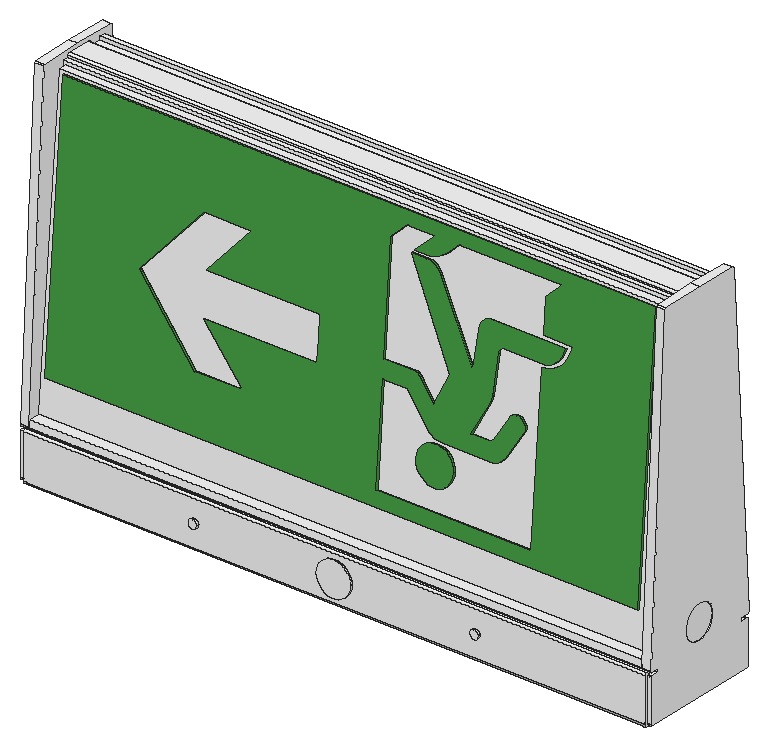
Revit family "CCFPRO-D2_AUA02211050001", category Lighting Fixtures, host Face, Revit 2021
Family settings
  Host = Face
  Round Connector Dimension = Use Diameter
  Part Type = Normal
  Cut with Voids When Loaded = No
  Light Source = Yes
  Shared = No
  Room Calculation Point = No
Parameters (values of type "Running Man Common arrow")
  URL = "https://clevertronics.com.au/exit-lights/cleverfit-pro"
  Wattage = 0.0140351 W
  built-in parameter 1150110 = 1 (stored number, unit not read)
  built-in parameter 1150109 = 1 (stored number, unit not read)
  built-in parameter 1150134 = 4
  built-in parameter 1150113 = 1 (stored number, unit not read)
  Tilt Angle = -90.00°
  Straight line 'Face two' = no
  Straight line 'Face one' = no
  Runing Man common arrow = yes
  Photometric Web File = "ll20952 - CCFPRO-ZW (CT10622, Classification).IES"
  Model = "CCFPRO-D2"  # constant formula
  Manufacturer = "Clevertronics"  # constant formula
  Description = "LP Premium Cleverfit PRO Emergency Exit, DALI-2\r"  # constant formula
  CreatedBy = "https://mepros-eng.com/"  # constant formula
  Clevertronics_Width = 72 mm
  Clevertronics_Weight = "2.5Kg"  # constant formula
  Clevertronics_Viewing Distance = "24m"  # constant formula
  Clevertronics_Total Lumen Output = ""
  Clevertronics_Testing System = "DALI-2"  # constant formula
  Clevertronics_Testing Node = "DALI-2 Note : 8003062"  # constant formula
  Clevertronics_Replacement Lamp = "LED Strip : 8002710"  # constant formula
  Clevertronics_Replacement Driver = "EM Driver : 8003152"  # constant formula
  Clevertronics_Replacement Battery = "Battery : 1550105"  # constant formula
  Clevertronics_Product Description = "LP Premium Cleverfit PRO Emergency Exit, DALI-2"  # constant formula
  Clevertronics_Power Consumption = "2.8 Watts (Standby), 3.9 Watts (Max)"  # constant formula
  Clevertronics_Other Modules = ""
  Clevertronics_Operating Voltage = "240V AC; 50Hz"  # constant formula
  Clevertronics_Operating Temperature = "1˚C to 40˚C"  # constant formula
  Clevertronics_Operating Mode = "Maintained"  # constant formula
  Clevertronics_Mounting = "Wall, Ceiling Single-Sided & Ceiling Double-Sided"  # constant formula
  Clevertronics_Material = Clevertronics_Plastic
  Lumens = 0.2 lm
  built-in parameter 1114217 = 1 (stored number, unit not read)
  built-in parameter 1150115 = 1 (stored number, unit not read)
  built-in parameter 1150105 = 0.015915 (stored number, unit not read)
  built-in parameter 1150137 = 1
  built-in parameter 1150139 = (empty or 0)
  built-in parameter 1150112 = 1 (stored number, unit not read)
  built-in parameter 1150114 = 1 (stored number, unit not read)
  Lamp = "6 x LED, 100,000 hours"  # constant formula
  built-in parameter 1150132 = 2
  built-in parameter 1150102 = (empty or 0)
  built-in parameter 1150138 = (empty or 0)
  built-in parameter 1150107 = 2800 (stored number, unit not read)
  Indication Right 'Face one' = no
  Indication Right 'Face Two' = no
  Indication Left 'Face one' = no
  Indication Left 'Face Two' = yes
  built-in parameter 1150106 = 0.00015915 (stored number, unit not read)
  built-in parameter 1150104 = 1.3239 (stored number, unit not read)
  Dimming Lamp Color Temperature Shift = <None>
  Default Elevation = 1200 mm
  Color Filter = 16777215
  Clevertronics_Stacked Symbol Position [instance] = 0
  Clevertronics_MIC Number = "AUA02211050001\r"  # constant formula
  Clevertronics_Length = 367 mm
  Clevertronics_Inverter / Charger = ""
  Clevertronics_IP Rating = "IP20"  # constant formula
  Clevertronics_IK Rating = "N/A"  # constant formula
  Clevertronics_Height = 214 mm
  Clevertronics_Dimensions Main Enclosure = "N/A"  # constant formula
  Clevertronics_Diffuser = "All directional inserts included in the box"  # constant formula
  Clevertronics_Construction = "Fire-retardant PC/ABS Body with Polycarbonate Diffuser"  # constant formula
  Clevertronics_Charger Method = "Intelligent Current Limited Constant Voltage"  # constant formula
  Clevertronics_Battery Type = "Lithium Iron Phosphate"  # constant formula
  Clevertronics_Battery = " 3.2V 1100mAh"  # constant formula
  Clevertronics_Applicable Standards = "AS/NZS3820, CISPR15, AS/NZS2293.3"  # constant formula
  Clevertronics_Annotation Vertical Offset [instance] = 0 mm
  Clevertronics_Annotation Size = 0 mm
  Clevertronics_Annotation Horizontal Offset [instance] = 0 mm
  Clevertronics_AS2293 Classification = "C0=D3.2 C90=B16"  # constant formula
  built-in parameter 1140040 [instance] = 1
  built-in parameter 1114218 = 1 (stored number, unit not read)
  built-in parameter 1150133 = 10 (stored number, unit not read)
  Assembly Code = ""
  Apparent Load = 2.8 VA  # constant formula
Types (5, lengths in mm): name | Straight line 'Face two' | Straight line 'Face one' | Runing Man common arrow | Indication Right 'Face one' | Indication Left 'Face one' | Indication Left 'Face Two' | Clevertronics_Stacked Symbol Position
  Runing Man Single | no | yes | no | no | no | no | 0
  Running Man Common arrow | no | no | yes | no | no | yes | 0
  Runing Man Right (Single) | no | no | no | yes | no | no | 0
  Runing Man Double Sided | yes | yes | no | no | no | no | 1
  Runing Man Left (Single) | no | no | no | no | yes | no | 0
Reference planes
  plane 1 "Center (Front/Back)": y = 0
  plane 2: z = 0
  plane 3 "Center (Left/Right)": x = 0
  plane 4: y = 30
  plane 5: y = -30
Forms (mm)
  Extrusion 1, solid, material "Green Plastic", visible <- "Straight line 'Face two'"
    sketch origin (151.5, 23.091, 152.133) x (-1, 0, 0) y (0, -0.085031, 0.996378)
      loop
        line (324.238, 55.477) -> (-21.258, 55.477) -> (-21.258, -97.563) -> (324.238, -97.563) -> (324.238, 55.477)
      loop
        line (106.162, 38.99) -> (106.126, -22.755) -> (125.231, -22.755)
        arc (125.231, -22.755) -> (127.412, -24.294) -> (129.245, -26.235) r 13.397
        line (129.245, -26.235) -> (136.235, -35.299) -> (144.196, -17.828) -> (118.356, 35.115) -> (130.038, 35.115)
        arc (130.038, 35.115) -> (133.388, 33.258) -> (135.586, 30.121) r 8.525
        line (135.586, 30.121) -> (156.779, -10.746) -> (159.175, 10.24) -> (159.634, 12.405)
        arc (159.634, 12.405) -> (161.615, 15.819) -> (165.234, 17.395) r 6.331
        line (165.234, 17.395) -> (209.235, 17.395)
        arc (209.235, 17.395) -> (204.572, 8.851) -> (195.453, 5.449) r 13.923
        line (195.453, 5.449) -> (173.244, 5.449)
        arc (173.244, 5.449) -> (171.893, 4.205) -> (171.29, 2.47) r 3.773
        line (171.29, 2.47) -> (169.273, -20.242)
        arc (169.273, -20.242) -> (168.22, -23.542) -> (166.796, -26.7) r 30.217
        line (166.796, -26.7) -> (158.343, -42.898) -> (168.884, -42.898)
        arc (168.884, -42.898) -> (170.187, -42.282) -> (171.159, -41.219) r 3.731
        line (171.159, -41.219) -> (179.629, -27.297)
        arc (179.629, -27.297) -> (186.643, -25.59) -> (188.35, -32.603) r 5.104
        line (188.35, -32.603) -> (178.708, -48.45)
        arc (178.708, -48.45) -> (175.047, -51.646) -> (170.325, -52.797) r 10.257
        line (170.325, -52.797) -> (141.141, -52.797)
        arc (141.141, -52.797) -> (136.537, -51.526) -> (132.86, -48.476) r 11.376
        line (132.86, -48.476) -> (120.341, -32.569) -> (106.126, -32.569) -> (106.126, -88.969) -> (196.149, -88.969) -> (196.149, 3.188)
        arc (196.149, 3.188) -> (207.64, 8.578) -> (213.348, 19.916) r 19.42
        line (213.348, 19.916) -> (196.149, 19.916) -> (196.149, 39.281) -> (205.646, 48.505) -> (145.527, 48.505) -> (139.316, 42.315)
        arc (139.316, 42.315) -> (134.813, 39.024) -> (129.528, 37.239) r 18.338
        line (129.528, 37.239) -> (120.026, 37.239) -> (131.328, 48.204) -> (115.409, 48.204) -> (106.162, 38.99)
      loop
        circle (138.734, -65.632) r 11.018
    from 0 to 0.767
  Extrusion 2, solid, material "Green Plastic", visible <- "Straight line 'Face one'"
    sketch origin (-151.5, -22.114, 152.099) x (1, 0, 0) y (0, 0.084193, 0.996449)
      loop
        line (-21.219, 55.512) -> (-21.219, -97.531) -> (324.258, -97.531) -> (324.258, 55.512) -> (-21.219, 55.512)
      loop
        line (196.838, 38.677) -> (187.591, 47.892) -> (171.672, 47.892) -> (182.974, 36.926) -> (173.472, 36.926)
        arc (173.472, 36.926) -> (168.187, 38.711) -> (163.684, 42.002) r 18.338
        line (163.684, 42.002) -> (157.473, 48.193) -> (97.354, 48.193) -> (106.851, 38.968) -> (106.851, 19.603) -> (89.652, 19.603)
        arc (89.652, 19.603) -> (95.36, 8.266) -> (106.851, 2.876) r 19.42
        line (106.851, 2.876) -> (106.851, -89.282) -> (196.874, -89.282) -> (196.874, -32.881) -> (182.659, -32.881) -> (170.14, -48.789)
        arc (170.14, -48.789) -> (166.463, -51.838) -> (161.859, -53.11) r 11.376
        line (161.859, -53.11) -> (132.675, -53.11)
        arc (132.675, -53.11) -> (127.953, -51.958) -> (124.292, -48.762) r 10.257
        line (124.292, -48.762) -> (114.65, -32.915)
        arc (114.65, -32.915) -> (116.357, -25.902) -> (123.371, -27.61) r 5.104
        line (123.371, -27.61) -> (131.841, -41.532)
        arc (131.841, -41.532) -> (132.813, -42.595) -> (134.116, -43.21) r 3.731
        line (134.116, -43.21) -> (144.657, -43.21) -> (136.204, -27.012)
        arc (136.204, -27.012) -> (134.78, -23.855) -> (133.727, -20.555) r 30.217
        line (133.727, -20.555) -> (131.71, 2.157)
        arc (131.71, 2.157) -> (131.107, 3.892) -> (129.756, 5.137) r 3.773
        line (129.756, 5.137) -> (107.547, 5.137)
        arc (107.547, 5.137) -> (98.428, 8.539) -> (93.765, 17.082) r 13.923
        line (93.765, 17.082) -> (137.766, 17.082)
        arc (137.766, 17.082) -> (141.385, 15.506) -> (143.366, 12.092) r 6.331
        line (143.366, 12.092) -> (143.825, 9.928) -> (146.221, -11.058) -> (167.414, 29.809)
        arc (167.414, 29.809) -> (169.612, 32.945) -> (172.962, 34.802) r 8.525
        line (172.962, 34.802) -> (184.644, 34.802) -> (158.804, -18.14) -> (166.765, -35.612) -> (173.755, -26.548)
        arc (173.755, -26.548) -> (175.588, -24.607) -> (177.769, -23.068) r 13.397
        line (177.769, -23.068) -> (196.874, -23.068) -> (196.838, 38.677)
      loop
        circle (164.266, -65.945) r 11.018
    from 0 to 0.767
  Extrusion 3, solid, material "Green Plastic", visible <- "Indication Left 'Face one'"
    sketch origin (-151.5, -22.114, 152.099) x (1, 0, 0) y (0, 0.084193, 0.996449)
      loop
        line (-21.258, 55.512) -> (-21.258, -97.531) -> (324.248, -97.531) -> (324.248, 55.512) -> (-21.258, 55.512)
      loop
        line (130.588, 39.302) -> (121.341, 48.517) -> (105.422, 48.517) -> (116.724, 37.551) -> (107.222, 37.551)
        arc (107.222, 37.551) -> (101.937, 39.336) -> (97.434, 42.627) r 18.338
        line (97.434, 42.627) -> (91.223, 48.818) -> (31.104, 48.818) -> (40.601, 39.593) -> (40.601, 20.228) -> (23.402, 20.228)
        arc (23.402, 20.228) -> (29.11, 8.891) -> (40.601, 3.501) r 19.42
        line (40.601, 3.501) -> (40.601, -88.657) -> (130.624, -88.657) -> (130.624, -32.256) -> (116.409, -32.256) -> (103.89, -48.164)
        arc (103.89, -48.164) -> (100.213, -51.213) -> (95.609, -52.485) r 11.376
        line (95.609, -52.485) -> (66.425, -52.485)
        arc (66.425, -52.485) -> (61.703, -51.333) -> (58.042, -48.137) r 10.257
        line (58.042, -48.137) -> (48.4, -32.29)
        arc (48.4, -32.29) -> (50.107, -25.277) -> (57.121, -26.985) r 5.104
        line (57.121, -26.985) -> (65.591, -40.907)
        arc (65.591, -40.907) -> (66.563, -41.97) -> (67.866, -42.585) r 3.731
        line (67.866, -42.585) -> (78.407, -42.585) -> (69.954, -26.387)
        arc (69.954, -26.387) -> (68.53, -23.23) -> (67.477, -19.93) r 30.217
        line (67.477, -19.93) -> (65.46, 2.782)
        arc (65.46, 2.782) -> (64.857, 4.517) -> (63.506, 5.762) r 3.773
        line (63.506, 5.762) -> (41.297, 5.762)
        arc (41.297, 5.762) -> (32.178, 9.164) -> (27.515, 17.707) r 13.923
        line (27.515, 17.707) -> (71.516, 17.707)
        arc (71.516, 17.707) -> (75.135, 16.131) -> (77.116, 12.717) r 6.331
        line (77.116, 12.717) -> (77.575, 10.553) -> (79.971, -10.433) -> (101.164, 30.434)
        arc (101.164, 30.434) -> (103.362, 33.57) -> (106.712, 35.427) r 8.525
        line (106.712, 35.427) -> (118.394, 35.427) -> (92.554, -17.515) -> (100.515, -34.987) -> (107.505, -25.923)
        arc (107.505, -25.923) -> (109.338, -23.982) -> (111.519, -22.443) r 13.397
        line (111.519, -22.443) -> (130.624, -22.443) -> (130.588, 39.302)
      loop
        circle (98.016, -65.32) r 11.018
      loop
        line (168.473, -25) -> (168.473, -37.5) -> (234.339, -37.5) -> (210.188, -65.283) -> (237.688, -65.283) -> (272.706, -25) -> (237.688, 15.283) -> (210.188, 15.283) -> (234.339, -12.5) -> (168.473, -12.5) -> (168.473, -25)
    from 0 to 0.767
  Extrusion 4, solid, material "Green Plastic", visible <- "Indication Right 'Face one'"
    sketch origin (-151.5, -22.114, 152.099) x (1, 0, 0) y (0, 0.084193, 0.996449)
      loop
        line (324.248, 55.527) -> (-21.248, 55.527) -> (-21.248, -97.535) -> (324.248, -97.535) -> (324.248, 55.527)
      loop
        line (171.162, 38.365) -> (171.126, -23.38) -> (190.231, -23.38)
        arc (190.231, -23.38) -> (192.412, -24.919) -> (194.245, -26.86) r 13.397
        line (194.245, -26.86) -> (201.235, -35.924) -> (209.196, -18.453) -> (183.356, 34.49) -> (195.038, 34.49)
        arc (195.038, 34.49) -> (198.388, 32.633) -> (200.586, 29.496) r 8.525
        line (200.586, 29.496) -> (221.779, -11.371) -> (224.175, 9.615) -> (224.634, 11.78)
        arc (224.634, 11.78) -> (226.615, 15.194) -> (230.234, 16.77) r 6.331
        line (230.234, 16.77) -> (274.235, 16.77)
        arc (274.235, 16.77) -> (269.572, 8.226) -> (260.453, 4.824) r 13.923
        line (260.453, 4.824) -> (238.244, 4.824)
        arc (238.244, 4.824) -> (236.893, 3.58) -> (236.29, 1.845) r 3.773
        line (236.29, 1.845) -> (234.273, -20.867)
        arc (234.273, -20.867) -> (233.22, -24.167) -> (231.796, -27.325) r 30.217
        line (231.796, -27.325) -> (223.343, -43.523) -> (233.884, -43.523)
        arc (233.884, -43.523) -> (235.187, -42.907) -> (236.159, -41.844) r 3.731
        line (236.159, -41.844) -> (244.629, -27.922)
        arc (244.629, -27.922) -> (251.643, -26.215) -> (253.35, -33.228) r 5.104
        line (253.35, -33.228) -> (243.708, -49.075)
        arc (243.708, -49.075) -> (240.047, -52.271) -> (235.325, -53.422) r 10.257
        line (235.325, -53.422) -> (206.141, -53.422)
        arc (206.141, -53.422) -> (201.537, -52.151) -> (197.86, -49.101) r 11.376
        line (197.86, -49.101) -> (185.341, -33.194) -> (171.126, -33.194) -> (171.126, -89.594) -> (261.149, -89.594) -> (261.149, 2.563)
        arc (261.149, 2.563) -> (272.64, 7.953) -> (278.348, 19.291) r 19.42
        line (278.348, 19.291) -> (261.149, 19.291) -> (261.149, 38.656) -> (270.646, 47.88) -> (210.527, 47.88) -> (204.316, 41.69)
        arc (204.316, 41.69) -> (199.813, 38.399) -> (194.528, 36.614) r 18.338
        line (194.528, 36.614) -> (185.026, 36.614) -> (196.328, 47.579) -> (180.409, 47.579) -> (171.162, 38.365)
      loop
        circle (203.734, -66.257) r 11.018
      loop
        line (133.277, -25.938) -> (133.277, -13.438) -> (67.411, -13.438) -> (91.562, 14.345) -> (64.062, 14.345) -> (29.044, -25.937) -> (64.062, -66.22) -> (91.562, -66.22) -> (67.411, -38.437) -> (133.277, -38.437) -> (133.277, -25.938)
    from 0 to 0.767
  Extrusion 5, solid, material "Green Plastic", visible <- "Indication Left 'Face Two'"
    sketch origin (-151.5, 23.091, 152.133) x (1, 0, 0) y (0, 0.085031, -0.996378)
      loop
        line (324.25, -55.483) -> (324.25, 97.573) -> (-21.25, 97.573) -> (-21.25, -55.483) -> (324.25, -55.483)
      loop
        line (171.162, -38.365) -> (180.409, -47.579) -> (196.328, -47.579) -> (185.026, -36.614) -> (194.528, -36.614)
        arc (194.528, -36.614) -> (199.813, -38.399) -> (204.316, -41.69) r 18.338
        line (204.316, -41.69) -> (210.527, -47.88) -> (270.646, -47.88) -> (261.149, -38.656) -> (261.149, -19.291) -> (278.348, -19.291)
        arc (278.348, -19.291) -> (272.64, -7.953) -> (261.149, -2.563) r 19.42
        line (261.149, -2.563) -> (261.149, 89.594) -> (171.126, 89.594) -> (171.126, 33.194) -> (185.341, 33.194) -> (197.86, 49.101)
        arc (197.86, 49.101) -> (201.537, 52.151) -> (206.141, 53.422) r 11.376
        line (206.141, 53.422) -> (235.325, 53.422)
        arc (235.325, 53.422) -> (240.047, 52.271) -> (243.708, 49.075) r 10.257
        line (243.708, 49.075) -> (253.35, 33.228)
        arc (253.35, 33.228) -> (251.643, 26.215) -> (244.629, 27.922) r 5.104
        line (244.629, 27.922) -> (236.159, 41.844)
        arc (236.159, 41.844) -> (235.187, 42.907) -> (233.884, 43.523) r 3.731
        line (233.884, 43.523) -> (223.343, 43.523) -> (231.796, 27.325)
        arc (231.796, 27.325) -> (233.22, 24.167) -> (234.273, 20.867) r 30.217
        line (234.273, 20.867) -> (236.29, -1.845)
        arc (236.29, -1.845) -> (236.893, -3.58) -> (238.244, -4.824) r 3.773
        line (238.244, -4.824) -> (260.453, -4.824)
        arc (260.453, -4.824) -> (269.572, -8.226) -> (274.235, -16.77) r 13.923
        line (274.235, -16.77) -> (230.234, -16.77)
        arc (230.234, -16.77) -> (226.615, -15.194) -> (224.634, -11.78) r 6.331
        line (224.634, -11.78) -> (224.175, -9.615) -> (221.779, 11.371) -> (200.586, -29.496)
        arc (200.586, -29.496) -> (198.388, -32.633) -> (195.038, -34.49) r 8.525
        line (195.038, -34.49) -> (183.356, -34.49) -> (209.196, 18.453) -> (201.235, 35.924) -> (194.245, 26.86)
        arc (194.245, 26.86) -> (192.412, 24.919) -> (190.231, 23.38) r 13.397
        line (190.231, 23.38) -> (171.126, 23.38) -> (171.162, -38.365)
      loop
        circle (203.734, 66.257) r 11.018
      loop
        line (133.277, 25.938) -> (133.277, 38.437) -> (67.411, 38.437) -> (91.562, 66.22) -> (64.062, 66.22) -> (29.044, 25.938) -> (64.062, -14.345) -> (91.562, -14.345) -> (67.411, 13.438) -> (133.277, 13.438) -> (133.277, 25.938)
    from 0 to 0.767
  Extrusion 6, solid, material "Green Plastic", visible <- "Runing Man common arrow"
    sketch origin (-151.5, -22.114, 152.099) x (1, 0, 0) y (0, 0.084193, 0.996449)
      loop
        line (324.25, 55.512) -> (-21.258, 55.512) -> (-21.258, -97.531) -> (324.25, -97.531) -> (324.25, 55.512)
      loop
        line (171.162, 38.99) -> (171.126, -22.755) -> (190.231, -22.755)
        arc (190.231, -22.755) -> (192.412, -24.294) -> (194.245, -26.235) r 13.397
        line (194.245, -26.235) -> (201.235, -35.299) -> (209.196, -17.828) -> (183.356, 35.115) -> (195.038, 35.115)
        arc (195.038, 35.115) -> (198.388, 33.258) -> (200.586, 30.121) r 8.525
        line (200.586, 30.121) -> (221.779, -10.746) -> (224.175, 10.24) -> (224.634, 12.405)
        arc (224.634, 12.405) -> (226.615, 15.819) -> (230.234, 17.395) r 6.331
        line (230.234, 17.395) -> (274.235, 17.395)
        arc (274.235, 17.395) -> (269.572, 8.851) -> (260.453, 5.449) r 13.923
        line (260.453, 5.449) -> (238.244, 5.449)
        arc (238.244, 5.449) -> (236.893, 4.205) -> (236.29, 2.47) r 3.773
        line (236.29, 2.47) -> (234.273, -20.242)
        arc (234.273, -20.242) -> (233.22, -23.542) -> (231.796, -26.7) r 30.217
        line (231.796, -26.7) -> (223.343, -42.898) -> (233.884, -42.898)
        arc (233.884, -42.898) -> (235.187, -42.282) -> (236.159, -41.219) r 3.731
        line (236.159, -41.219) -> (244.629, -27.297)
        arc (244.629, -27.297) -> (251.643, -25.59) -> (253.35, -32.603) r 5.104
        line (253.35, -32.603) -> (243.708, -48.45)
        arc (243.708, -48.45) -> (240.047, -51.646) -> (235.325, -52.797) r 10.257
        line (235.325, -52.797) -> (206.141, -52.797)
        arc (206.141, -52.797) -> (201.537, -51.526) -> (197.86, -48.476) r 11.376
        line (197.86, -48.476) -> (185.341, -32.569) -> (171.126, -32.569) -> (171.126, -88.969) -> (261.149, -88.969) -> (261.149, 3.188)
        arc (261.149, 3.188) -> (272.64, 8.578) -> (278.348, 19.916) r 19.42
        line (278.348, 19.916) -> (261.149, 19.916) -> (261.149, 39.281) -> (270.646, 48.505) -> (210.527, 48.505) -> (204.316, 42.315)
        arc (204.316, 42.315) -> (199.813, 39.024) -> (194.528, 37.239) r 18.338
        line (194.528, 37.239) -> (185.026, 37.239) -> (196.328, 48.204) -> (180.409, 48.204) -> (171.162, 38.99)
      loop
        circle (203.734, -65.632) r 11.018
      loop
        line (133.277, -25.313) -> (133.277, -12.813) -> (67.411, -12.813) -> (91.562, 14.97) -> (64.062, 14.97) -> (29.044, -25.312) -> (64.062, -65.595) -> (91.562, -65.595) -> (67.411, -37.812) -> (133.277, -37.812) -> (133.277, -25.313)
    from 0 to 0.767
  Extrusion 7, solid, material "Plastic - Polycarbonate - White"
    sketch origin (0, 0, -1) x (0, 1, 0) y (0, 0, 1)
      loop
        line (30, 28) -> (30, 27) -> (34.5, 27)
        arc (34.5, 27) -> (34.854, 26.854) -> (35, 26.5) r 0.5
        line (35, 26.5) -> (35, 1.5)
        arc (35, 1.5) -> (34.854, 1.146) -> (34.5, 1) r 0.5
        line (34.5, 1) -> (-34.5, 1)
        arc (-34.5, 1) -> (-34.854, 1.146) -> (-35, 1.5) r 0.5
        line (-35, 1.5) -> (-35, 26.5)
        arc (-35, 26.5) -> (-34.854, 26.854) -> (-34.5, 27) r 0.5
        line (-34.5, 27) -> (-30, 27) -> (-30, 28) -> (-35, 28)
        arc (-35, 28) -> (-35.707, 27.707) -> (-36, 27) r 1
        line (-36, 27) -> (-36, 1)
        arc (-36, 1) -> (-35.707, 0.293) -> (-35, 0) r 1
        line (-35, 0) -> (35, 0)
        arc (35, 0) -> (35.707, 0.293) -> (36, 1) r 1
        line (36, 1) -> (36, 27)
        arc (36, 27) -> (35.707, 27.707) -> (35, 28) r 1
        line (35, 28) -> (30, 28)
    from -181 to 181
  Extrusion 8, solid, material "Plastic - Polycarbonate - White"
    sketch origin (0, 0, -1) x (0, 1, 0) y (0, 0, 1)
      loop
        line (35, 1.5) -> (35, 26.5)
        arc (35, 26.5) -> (34.854, 26.854) -> (34.5, 27) r 0.5
        line (34.5, 27) -> (30, 27) -> (30, 29) -> (35, 29) -> (35.588, 29.809) -> (24.956, 213.751) -> (24.297, 214.365) -> (0, 215) -> (-24.297, 214.365) -> (-24.956, 213.751) -> (-35.588, 29.809) -> (-35, 29) -> (-30, 29) -> (-30, 27) -> (-34.5, 27)
        arc (-34.5, 27) -> (-34.854, 26.854) -> (-35, 26.5) r 0.5
        line (-35, 26.5) -> (-35, 1.5)
        arc (-35, 1.5) -> (-34.854, 1.146) -> (-34.5, 1) r 0.5
        line (-34.5, 1) -> (34.5, 1)
        arc (34.5, 1) -> (34.854, 1.146) -> (35, 1.5) r 0.5
    from -183.5 to -178.5
  Extrusion 9, solid, material "Plastic - Polycarbonate - White"
    sketch origin (0, 0, -1) x (0, 1, 0) y (0, 0, 1)
      loop
        line (35, 1.5) -> (35, 26.5)
        arc (35, 26.5) -> (34.854, 26.854) -> (34.5, 27) r 0.5
        line (34.5, 27) -> (30, 27) -> (30, 29) -> (35, 29) -> (35.588, 29.809) -> (25.039, 213.646) -> (24.297, 214.365) -> (0, 215) -> (-24.297, 214.365) -> (-25.039, 213.646) -> (-35.588, 29.809) -> (-35, 29) -> (-30, 29) -> (-30, 27) -> (-34.5, 27)
        arc (-34.5, 27) -> (-34.854, 26.854) -> (-35, 26.5) r 0.5
        line (-35, 26.5) -> (-35, 1.5)
        arc (-35, 1.5) -> (-34.854, 1.146) -> (-34.5, 1) r 0.5
        line (-34.5, 1) -> (34.5, 1)
        arc (34.5, 1) -> (34.854, 1.146) -> (35, 1.5) r 0.5
    from 178.5 to 183.5
  Extrusion 10, solid, material "Clevertronics_Plastic"
    sketch origin (0, 0, -1) x (0, 1, 0) y (0, 0, 1)
      loop
        line (31.631, 35.306) -> (16.897, 213) -> (13.89, 213) -> (13.89, 210.956) -> (7.831, 210.426) -> (7.831, 35.306) -> (31.631, 35.306)
    from -176.5 to 176.5
  Extrusion 11, solid, material "Plastic - Polycarbonate - White"
    sketch origin (0, 0, -1) x (0, 1, 0) y (0, 0, 1)
      loop
        line (35, 29) -> (35.588, 29.809) -> (35.231, 34) -> (7.831, 34) -> (7.831, 212)
        arc (7.831, 212) -> (7.538, 212.707) -> (6.831, 213) r 1
        line (6.831, 213) -> (-6.831, 213)
        arc (-6.831, 213) -> (-7.538, 212.707) -> (-7.831, 212) r 1
        line (-7.831, 212) -> (-7.831, 34) -> (-35.231, 34) -> (-35.588, 29.809) -> (-35, 29) -> (35, 29)
    from -178.5 to 178.5
  Extrusion 12, solid, material "Plastic - Polycarbonate - White"
    sketch origin (0, 0, -1) x (0, 1, 0) y (0, 0, 1)
      loop
        line (-7.831, 211) -> (-10.831, 211) -> (-25.331, 35.306) -> (-7.831, 35.306) -> (-7.831, 211)
    from -178.5 to 178.5
  Extrusion 13, solid, material "Clevertronics_Plastic"
    sketch origin (0, 0, -1) x (0, 1, 0) y (0, 0, 1)
      loop
        line (-10.988, 209.104) -> (-15.815, 209.104) -> (-30.604, 35.306) -> (-25.331, 35.306) -> (-10.988, 209.104)
    from -176.5 to 178.5
  Extrusion 14, solid, material "Plastic - Polycarbonate - White"
    sketch origin (0, 0, -1) x (1, 0, 0) y (0, 0, 1)
      loop
        circle (82, 14) r 5
      loop
        circle (-82, 14) r 5
    from -37 to -36
  Extrusion 15, solid, material "Plastic - Polycarbonate - White"
    sketch origin (0, 0, -1) x (1, 0, 0) y (0, 0, 1)
      loop
        circle (-82, 14) r 2.5
      loop
        circle (82, 14) r 2.5
      loop
        circle (0, 14) r 10
    from 36 to 37
  Extrusion 16, void
    sketch origin (7.5, 9, -1) x (1, 0, 0) y (0, 0, 1)
      loop
        line (136, 19) -> (131, 19) -> (131, 9) -> (136, 9) -> (136, 19)
    from -37 to -26
  Blend 17, void
    base sketch origin (-2.5, 0, -1) x (0, 1, 0) y (0, 0, 1)
      loop
        circle (0, 40) r 8
    top sketch origin (-2.5, 0, -1) x (0, 1, 0) y (0, 0, 1)
      loop
        circle (0, 40) r 9
    from 182.5 to 183.5
  Extrusion 18, solid, material "Default"
    sketch origin (-1.989, 0, -1) x (0, 1, 0) y (0, 0, 1)
      loop
        circle (0, 40) r 9.5
    from 181 to 183.5
  Extrusion 19, void
    sketch origin (1.5, 0, -1) x (0, 1, 0) y (0, 0, 1)
      loop
        circle (0, 40) r 10
    from 181 to 183.5
Cuts and joins
  Extrusion 16 cuts Extrusion 7
  Blend 17, Extrusion 19 cuts Extrusion 9
  Extrusion 19 cuts Extrusion 18
Lines and regions (mm)
  model lines, style "Face Indication", visible <- "Straight line 'Face two'", detail levels coarse+medium
    curve 1: line (-323.489, 195, 0) -> (326.511, 195, 0)
  model lines, style "Face Indication", visible <- "Straight line 'Face one'", detail levels coarse+medium
    curve 2: line (-323.489, -195, 0) -> (326.511, -195, 0)
  model lines, style "Face Indication", visible <- "Indication Right 'Face Two'", detail levels coarse+medium
    curve 3: line (-323.489, 195, 0) -> (326.511, 195, 0)
  model lines, style "Face Indication", visible <- "Indication Right 'Face one'", detail levels coarse+medium
    curve 4: line (-323.489, -195, 0) -> (326.511, -195, 0)
  model lines, style "Face Indication", visible <- "Indication Left 'Face Two'", detail levels coarse+medium
    curve 5: line (-323.489, 195, 0) -> (326.511, 195, 0)
  model lines, style "Face Indication", visible <- "Indication Left 'Face one'", detail levels coarse+medium
    curve 6: line (-323.489, -195, 0) -> (326.511, -195, 0)
  model lines, style "Face Indication", visible <- "Runing Man common arrow", detail levels coarse+medium
    curve 7: line (-323.489, 195, 0) -> (326.511, 195, 0)
    curve 8: line (-323.489, -195, 0) -> (326.511, -195, 0)
Dimensions and locks
  locked: Extrusion 13 sketch curve to Extrusion 12 at 1.896
  Extrusion 16 sketch curve to Extrusion 16 sketch curve = 5 mm
  locked: Extrusion 16 sketch curve to Extrusion 16 sketch curve at 5
  Extrusion 16 sketch curve to Extrusion 16 sketch curve = 10 mm
  locked: Extrusion 16 sketch curve to Extrusion 16 sketch curve at 10
  aligned and locked: host face to plane 2
  aligned and locked: host face to level
  aligned and locked: Extrusion 7 sketch curve to plane 4
  aligned and locked: plane 5 to Extrusion 7 sketch curve
  aligned and locked: Extrusion 8 sketch curve to Extrusion 7  (x2)
Nested families
  nested 1: "Symbol Right Indication" at (0, 0, 3956.795) x (1, 0, 0) z (0, 0, -1), visible <- "Indication Right 'Face one'", type "Symbol Right Indication", detail levels coarse+medium
  nested 2: "Symbol Left Indication" at (0, 0, 3956.795) x (1, 0, 0) z (0, 0, -1), visible <- "Indication Left 'Face one'", type "Symbol Left Indication", detail levels coarse+medium
  nested 3: "Symbol straight line Indication" at (0, 0, 3956.795) x (1, 0, 0) z (0, 0, -1), visible <- "Straight line 'Face two'", type "Symbol straight line Indication", detail levels coarse+medium
  nested 4: "Symbol straight line Indication" at (0, 0, 3956.795) x (1, 0, 0) z (0, 0, -1), visible <- "Straight line 'Face one'", type "Symbol straight line Indication", detail levels coarse+medium
  nested 5: "Symbol Left Indication" at (0, 0, 3956.795) x (1, 0, 0) z (0, 0, -1), visible <- "Indication Left 'Face Two'", type "Symbol Left Indication", detail levels coarse+medium
  nested 6: "Symbol Right Indication" at (0, 0, 3956.795) x (1, 0, 0) z (0, 0, -1), visible <- "Indication Right 'Face Two'", type "Symbol Right Indication", detail levels coarse+medium
  nested 7: "Symbol Left Indication" at (0, 0, 3956.795) x (1, 0, 0) z (0, 0, -1), visible <- "Runing Man common arrow", type "Symbol Left Indication", detail levels coarse+medium
Connectors
  electrical at (0, 0, -1)
    settings: on cut or joined group of Extrusion 7, Extrusion 16, index 1, voltage 240 V, apparent load 0 VA, apparent load phase1 240 VA, apparent load phase2 0 VA, apparent load phase3 0 VA, power factor 1, load classification "Autre", number of poles 1, system type 31, power factor state 1, is connector primary yes, connector utility no, sub classification motor no, connector description ""
Definition of nested family "Symbol Right Indication"
  Reference planes
    plane 1 "Center (Front/Back)": y = 0
    plane 2: z = 0
    plane 3 "Center (Left/Right)": x = 0
    plane 4: x = -325.152, in view "Ref. Level"
    plane 5: x = 325.152, in view "Ref. Level"
    plane 6: y = 173.449, in view "Ref. Level"
    plane 7: y = -173.449, in view "Ref. Level"
  Lines and regions (mm)
    Filled region 1, type "Plastic Grün", in view "Ref. Level"
      outline origin (0, 0, 0) x (1, 0, 0) y (0, 1, 0)
        loop
          line (-325.152, 173.449) -> (-325.152, -173.449) -> (325.152, -173.449) -> (325.152, 173.449) -> (-325.152, 173.449)
        loop
          line (-248.707, 129.511) -> (-248.707, -50)
          arc (-248.707, -50) -> (-276.284, -61.423) -> (-287.707, -89) r 39
          line (-287.707, -89) -> (-248.707, -89) -> (-248.707, -130) -> (-270.627, -151.92) -> (-131.627, -151.92) -> (-106.171, -126.464) -> (-76.171, -126.464) -> (-101.627, -151.92) -> (-62.627, -151.92) -> (-40.707, -130) -> (-40.707, 9.511) -> (-78.707, 9.511)
          arc (-78.707, 9.511) -> (-86.697, 12.637) -> (-93.539, 17.816) r 31.304
          line (-93.539, 17.816) -> (-111.923, 36.2)
          arc (-111.923, 36.2) -> (-114.899, 38.096) -> (-117.875, 36.2) r 3.284
          line (-117.875, 36.2) -> (-132.667, 4.48)
          arc (-132.667, 4.48) -> (-133.805, 0.231) -> (-132.667, -4.017) r 8.497
          line (-132.667, -4.017) -> (-67.667, -116.601) -> (-94.667, -116.601)
          arc (-94.667, -116.601) -> (-102.738, -113.797) -> (-107.333, -106.593) r 13.019
          line (-107.333, -106.593) -> (-157.333, -19.991)
          arc (-157.333, -19.991) -> (-159.41, -18.791) -> (-161.488, -19.991) r 2.399
          line (-161.488, -19.991) -> (-164.906, -68.871)
          arc (-164.906, -68.871) -> (-167.873, -76.033) -> (-175.035, -79) r 10.129
          line (-175.035, -79) -> (-272.707, -79)
          arc (-272.707, -79) -> (-265.678, -62.029) -> (-248.707, -55) r 24
          line (-248.707, -55) -> (-195.707, -55)
          arc (-195.707, -55) -> (-192.663, -50.733) -> (-191.351, -45.659) r 14.38
          line (-191.351, -45.659) -> (-188.561, -5.756)
          arc (-188.561, -5.756) -> (-187.442, 4.309) -> (-185.503, 14.25) r 123.737
          line (-185.503, 14.25) -> (-168.598, 50.502) -> (-197.598, 50.502) -> (-207.269, 14.41)
          arc (-207.269, 14.41) -> (-220.129, 6.986) -> (-227.553, 19.846) r 10.5
          line (-227.553, 19.846) -> (-215.906, 63.312)
          arc (-215.906, 63.312) -> (-211.908, 69.258) -> (-205.103, 71.502) r 11.051
          line (-205.103, 71.502) -> (-140.103, 71.502)
          arc (-140.103, 71.502) -> (-119.382, 69.488) -> (-101.698, 58.502) r 45.756
          line (-101.698, 58.502) -> (-72.707, 29.511) -> (-40.707, 29.511) -> (-40.707, 129.511) -> (-248.707, 129.511)
        loop
          circle (-117.138, 97.887) r 20
        loop
          line (40.232, 30) -> (40.232, -30) -> (172.232, -30) -> (105.057, -97.175) -> (188.057, -97.175) -> (285.232, 0) -> (188.057, 97.175) -> (105.057, 97.175) -> (172.232, 30) -> (40.232, 30)
  Dimensions and locks
    plane 6 to plane 7 = 346.899 mm
    plane 4 to plane 5 = 650.305 mm
    equal spacing: plane 6, plane 1 "Center (Front/Back)", plane 7
    equal spacing: plane 4, plane 3 "Center (Left/Right)", plane 5
Definition of nested family "Symbol Left Indication"
  Reference planes
    plane 1 "Center (Front/Back)": y = 0
    plane 2: z = 0
    plane 3 "Center (Left/Right)": x = 0
    plane 4: x = 325.152, in view "Ref. Level"
    plane 5: x = -325.152, in view "Ref. Level"
    plane 6: y = 173.449, in view "Ref. Level"
    plane 7: y = -173.449, in view "Ref. Level"
  Lines and regions (mm)
    Filled region 1, type "Plastic Grün", in view "Ref. Level"
      outline origin (0, 0, 0) x (0, 1, 0) y (-1, 0, 0)
        loop
          line (173.449, -325.152) -> (173.449, 325.152) -> (-173.449, 325.152) -> (-173.449, -325.152) -> (173.449, -325.152)
        loop
          line (129.511, -248.707) -> (129.511, -40.707) -> (29.511, -40.707) -> (29.511, -72.707) -> (58.502, -101.698)
          arc (58.502, -101.698) -> (69.488, -119.382) -> (71.502, -140.103) r 45.756
          line (71.502, -140.103) -> (71.502, -205.103)
          arc (71.502, -205.103) -> (69.258, -211.908) -> (63.312, -215.906) r 11.051
          line (63.312, -215.906) -> (19.846, -227.553)
          arc (19.846, -227.553) -> (6.986, -220.129) -> (14.41, -207.269) r 10.5
          line (14.41, -207.269) -> (50.502, -197.598) -> (50.502, -168.598) -> (14.25, -185.503)
          arc (14.25, -185.503) -> (4.309, -187.442) -> (-5.756, -188.561) r 123.737
          line (-5.756, -188.561) -> (-45.659, -191.351)
          arc (-45.659, -191.351) -> (-50.733, -192.663) -> (-55, -195.707) r 14.38
          line (-55, -195.707) -> (-55, -248.707)
          arc (-55, -248.707) -> (-62.029, -265.678) -> (-79, -272.707) r 24
          line (-79, -272.707) -> (-79, -175.035)
          arc (-79, -175.035) -> (-76.033, -167.873) -> (-68.871, -164.906) r 10.129
          line (-68.871, -164.906) -> (-19.991, -161.488)
          arc (-19.991, -161.488) -> (-18.791, -159.41) -> (-19.991, -157.333) r 2.399
          line (-19.991, -157.333) -> (-106.593, -107.333)
          arc (-106.593, -107.333) -> (-113.797, -102.738) -> (-116.601, -94.667) r 13.019
          line (-116.601, -94.667) -> (-116.601, -67.667) -> (-4.017, -132.667)
          arc (-4.017, -132.667) -> (0.231, -133.805) -> (4.48, -132.667) r 8.497
          line (4.48, -132.667) -> (36.2, -117.875)
          arc (36.2, -117.875) -> (38.096, -114.899) -> (36.2, -111.923) r 3.284
          line (36.2, -111.923) -> (17.816, -93.539)
          arc (17.816, -93.539) -> (12.637, -86.697) -> (9.511, -78.707) r 31.304
          line (9.511, -78.707) -> (9.511, -40.707) -> (-130, -40.707) -> (-151.92, -62.627) -> (-151.92, -101.627) -> (-126.464, -76.171) -> (-126.464, -106.171) -> (-151.92, -131.627) -> (-151.92, -270.627) -> (-130, -248.707) -> (-89, -248.707) -> (-89, -287.707)
          arc (-89, -287.707) -> (-61.423, -276.284) -> (-50, -248.707) r 39
          line (-50, -248.707) -> (129.511, -248.707)
        loop
          circle (97.887, -117.138) r 20
        loop
          line (30, 40.232) -> (30, 172.232) -> (97.175, 105.057) -> (97.175, 188.057) -> (0, 285.232) -> (-97.175, 188.057) -> (-97.175, 105.057) -> (-30, 172.232) -> (-30, 40.232) -> (30, 40.232)
  Dimensions and locks
    plane 6 to plane 7 = 346.899 mm  (x2)
    plane 4 to plane 5 = 650.305 mm  (x2)
Definition of nested family "Symbol straight line Indication"
  Reference planes
    plane 1 "Center (Front/Back)": y = 0
    plane 2: z = 0
    plane 3 "Center (Left/Right)": x = 0
    plane 4: x = -325.152, in view "Ref. Level"
    plane 5: x = 325.152, in view "Ref. Level"
    plane 6: y = 173.449, in view "Ref. Level"
    plane 7: y = -173.449, in view "Ref. Level"
  Lines and regions (mm)
    Filled region 1, type "Plastic Grün", in view "Ref. Level"
      outline origin (0, 0, 0) x (1, 0, 0) y (0, 1, 0)
        loop
          line (-325.152, 173.449) -> (-325.152, -173.449) -> (325.152, -173.449) -> (325.152, 173.449) -> (-325.152, 173.449)
        loop
          line (-104, 129.511) -> (-104, -50)
          arc (-104, -50) -> (-131.577, -61.423) -> (-143, -89) r 39
          line (-143, -89) -> (-104, -89) -> (-104, -130) -> (-125.92, -151.92) -> (13.08, -151.92) -> (38.536, -126.464) -> (68.536, -126.464) -> (43.08, -151.92) -> (82.08, -151.92) -> (104, -130) -> (104, 9.511) -> (66, 9.511)
          arc (66, 9.511) -> (58.01, 12.637) -> (51.168, 17.816) r 31.304
          line (51.168, 17.816) -> (32.784, 36.2)
          arc (32.784, 36.2) -> (29.808, 38.096) -> (26.832, 36.2) r 3.284
          line (26.832, 36.2) -> (12.04, 4.48)
          arc (12.04, 4.48) -> (10.902, 0.231) -> (12.04, -4.017) r 8.497
          line (12.04, -4.017) -> (77.04, -116.601) -> (50.04, -116.601)
          arc (50.04, -116.601) -> (41.969, -113.797) -> (37.374, -106.593) r 13.019
          line (37.374, -106.593) -> (-12.626, -19.991)
          arc (-12.626, -19.991) -> (-14.703, -18.791) -> (-16.781, -19.991) r 2.399
          line (-16.781, -19.991) -> (-20.199, -68.871)
          arc (-20.199, -68.871) -> (-23.166, -76.033) -> (-30.328, -79) r 10.129
          line (-30.328, -79) -> (-128, -79)
          arc (-128, -79) -> (-120.971, -62.029) -> (-104, -55) r 24
          line (-104, -55) -> (-51, -55)
          arc (-51, -55) -> (-47.956, -50.733) -> (-46.644, -45.659) r 14.38
          line (-46.644, -45.659) -> (-43.854, -5.756)
          arc (-43.854, -5.756) -> (-42.735, 4.309) -> (-40.796, 14.25) r 123.737
          line (-40.796, 14.25) -> (-23.891, 50.502) -> (-52.891, 50.502) -> (-62.562, 14.41)
          arc (-62.562, 14.41) -> (-75.422, 6.986) -> (-82.846, 19.846) r 10.5
          line (-82.846, 19.846) -> (-71.199, 63.312)
          arc (-71.199, 63.312) -> (-67.201, 69.258) -> (-60.396, 71.502) r 11.051
          line (-60.396, 71.502) -> (4.604, 71.502)
          arc (4.604, 71.502) -> (25.325, 69.488) -> (43.009, 58.502) r 45.756
          line (43.009, 58.502) -> (72, 29.511) -> (104, 29.511) -> (104, 129.511) -> (-104, 129.511)
        loop
          circle (27.569, 97.887) r 20
  Dimensions and locks
    plane 6 to plane 7 = 346.899 mm
    plane 4 to plane 5 = 650.305 mm
    equal spacing: plane 6, plane 1 "Center (Front/Back)", plane 7
    equal spacing: plane 4, plane 3 "Center (Left/Right)", plane 5
